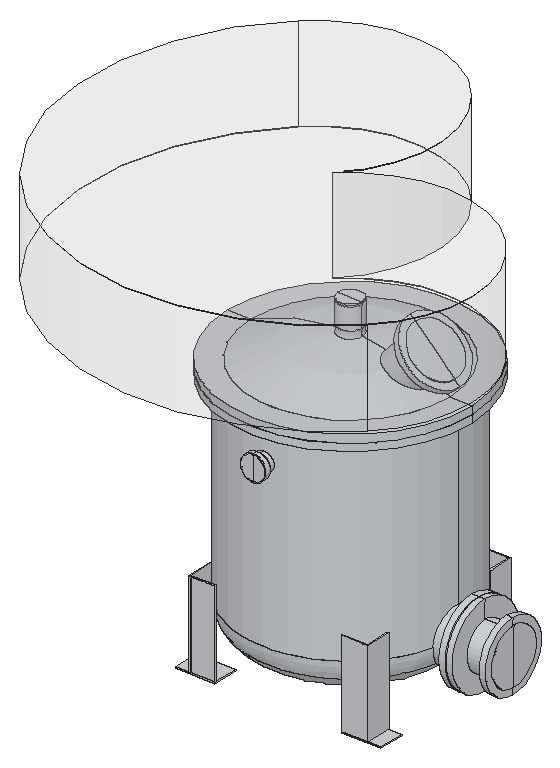
Revit family "Aquarevival_BSG50", category Mechanical Equipment, Revit 2018
Family settings
  Round Connector Dimension = Use Diameter
  Part Type = Normal
  OmniClass Number = 23.75.00.00
  OmniClass Title = Climate Control (HVAC)
  Work Plane-Based = No
  Always vertical = Yes
  Cut with Voids When Loaded = No
  Shared = No
  Room Calculation Point = No
Parameters
  Panel Location (0-4) [instance] = 0
  Panel 4 [instance] = [Panel Location (0-4)] = 4  # no
  Panel 3 [instance] = [Panel Location (0-4)] = 3  # no
  Panel 2 [instance] = [Panel Location (0-4)] = 2  # no
  Panel 1 [instance] = not(or([Panel Location (0-4)] = 2, [Panel Location (0-4)] = 3, [Panel Location (0-4)] = 4, [Panel Location (0-4)] = 0))  # no
  Outlet = 0' - 10"
  Model = "BSG50"
  Manufacturer = "Aqua Revival LLC"
  Keynote = ""
  Inlet = 0' - 10"
  Filter Discharge Rotation [instance] = 0.00°
  Filter Clearance Rotation [instance] = 0.00°
  Drain = 0' - 6"
  Description = "Regenerative Media Filter"
Reference planes (in)
  plane 1 "Center (Front/Back)": y = 0
  plane 2: z = 0
  plane 3 "Center (Left/Right)": x = 0
  plane 4: x = -10
Forms (in)
  Revolve 1, solid
    sketch origin (0, 0, 0) x (1, 0, 0) y (0, 0, 1)
      loop
        line (-0.00004, 1.25389) -> (-0.00004, 76.11987) -> (-2.75, 76.11987) -> (-2.75, 75.91248)
        arc (-2.75, 75.91248) -> (-2.7402, 75.72628) -> (-2.75, 75.54009) r 1.77355
        line (-2.75, 75.54009) -> (-2.75, 70.55737)
        arc (-2.75, 70.55737) -> (-2.66107, 69.73809) -> (-2.75296, 68.91914) r 3.75596
        arc (-2.75296, 68.91914) -> (-13.12881, 67.25137) -> (-22.93187, 63.46457) r 50.3125
        line (-22.93187, 63.46457) -> (-28.25, 63.46457) -> (-28.25, 61.71458) -> (-28.08532, 61.71458) -> (-28.08532, 61.60182) -> (-28.25, 61.60182) -> (-28.25, 59.96457) -> (-24.99977, 59.96457) -> (-24.99977, 14.71371)
        arc (-24.99977, 14.71371) -> (-24.6877, 12.43171) -> (-23.77441, 10.31728) r 8.49961
        arc (-23.77441, 10.31728) -> (-22.41911, 8.64804) -> (-20.65941, 7.41245) r 7.79697
        arc (-20.65941, 7.41245) -> (-13.83356, 4.03695) -> (-6.5023, 1.97808) r 41.11644
        arc (-6.5023, 1.97808) -> (-3.26387, 1.50193) -> (-0.00004, 1.25389) r 46.68297
      axis (0, 76.11987) -> (0, 1.25389)
    angle from 0 to 360
  Revolve 2, solid
    sketch origin (-14.99151, 0, 1.58134) x (1, 0, 0) y (0, 0, 1)
      loop
        line (-14.12767, 5.39286) -> (3.62234, 5.39286) -> (3.62234, 8.70536) -> (-13.12766, 8.70536) -> (-13.12766, 10.89286) -> (-14.12767, 10.89286) -> (-14.12767, 5.39286)
      axis (-14.12767, 5.39286) -> (3.62234, 5.39286)
    angle from 0 to 360
  Extrusion 3, solid
    sketch origin (-14.99151, 0, 1.58134) x (0, 1, 0) y (0, 0, 1)
      loop
        circle (0, 5.39286) r 4.25
    from -14.26766 to -14.12767
  Revolve 4, solid
    sketch origin (0.02056, -68.74083, 7.46511) x (0, 1, 0) y (0, 0, 1)
      loop
        line (40.62187, 45.49946) -> (44.12187, 45.49946) -> (44.12187, 47.76786) -> (42.49057, 47.76786) -> (42.39687, 47.86156) -> (42.39687, 48.01786) -> (41.87187, 48.01786) -> (41.87187, 48.41208) -> (40.71557, 48.41208) -> (40.62187, 48.31823) -> (40.62187, 45.49946)
      axis (40.62187, 45.49946) -> (44.12187, 45.49946)
    angle from 0 to 360
  Extrusion 5, solid, visible <- "Panel 1"
    sketch origin (-6.75901, -13.83786, 4.84542) x (1, 0, 0) y (0, 1, 0)
      loop
        line (-26.32299, -12.86214) -> (-26.32299, -13.11014) -> (-27.35099, -13.11014) -> (-27.35099, -13.77514)
        arc (-27.35099, -13.77514) -> (-27.30413, -13.88828) -> (-27.19099, -13.93514) r 0.16
        line (-27.19099, -13.93514) -> (-11.87099, -13.93514)
        arc (-11.87099, -13.93514) -> (-11.76846, -13.89267) -> (-11.72599, -13.79014) r 0.145
        line (-11.72599, -13.79014) -> (-11.72599, -13.11014) -> (-12.65099, -13.11014) -> (-12.65099, -12.86215) -> (-11.62098, -12.86215)
        arc (-11.62098, -12.86215) -> (-11.51852, -12.81975) -> (-11.47597, -12.71735) r 0.14501
        line (-11.47597, -12.71735) -> (-11.47597, -7.00721)
        arc (-11.47597, -7.00721) -> (-11.51845, -6.90466) -> (-11.62101, -6.86218) r 0.14504
        line (-11.62101, -6.86218) -> (-27.331, -6.86218)
        arc (-27.331, -6.86218) -> (-27.43352, -6.90464) -> (-27.47598, -7.00716) r 0.14498
        line (-27.47598, -7.00716) -> (-27.47598, -12.71714)
        arc (-27.47598, -12.71714) -> (-27.43351, -12.81967) -> (-27.33099, -12.86214) r 0.145
        line (-27.33099, -12.86214) -> (-26.32299, -12.86214)
    from 35.1762 to 51.1012
  Extrusion 6, solid, visible <- "Panel 1"
    sketch origin (-6.77401, -13.83786, 4.84542) x (1, 0, 0) y (0, 1, 0)
      loop
        line (-27.47599, -6.86218) -> (-7.24373, -6.86218)
        arc (-7.24373, -6.86218) -> (-10.60636, -4.13188) -> (-13.44723, -0.86214) r 24.99977
        line (-13.44723, -0.86214) -> (-27.47599, -0.86214) -> (-27.47599, -6.86218)
    from 50.9012 to 51.1012
  Extrusion 7, solid, visible <- "Panel 1"
    sketch origin (-6.77401, -13.83786, 4.84542) x (0, 1, 0) y (0, 0, 1)
      loop
        line (-6.86218, 50.9012) -> (-6.86218, 49.53074) -> (-6.61218, 49.53074) -> (-6.61218, 50.9012) -> (-6.86218, 50.9012)
    from -27.47599 to -7.27396
  Extrusion 8, solid, visible <- "Panel 1"
    sketch origin (-6.77401, -13.83786, 91.05209) x (0, 1, 0) y (0, 0, 1)
      loop
        line (-6.86218, -50.9012) -> (-6.61218, -50.9012) -> (-6.61218, -49.53074) -> (-6.86218, -49.53074) -> (-6.86218, -50.9012)
    from -27.47599 to -7.27396
  Revolve 9, solid, visible <- "Panel 1"
    sketch origin (-26.26107, -75.37885, 4.84542) x (0, -1, 0) y (0, 0, 1)
      loop
        line (-45.98085, 39.52627) -> (-45.98085, 40.27627)
        arc (-45.98085, 40.27627) -> (-46.1273, 40.62983) -> (-46.48085, 40.77627) r 0.5
        line (-46.48085, 40.77627) -> (-46.60585, 40.77627) -> (-46.60585, 40.02627) -> (-47.35585, 40.02627) -> (-47.35585, 40.10855) -> (-47.60585, 40.10855) -> (-47.60585, 39.52627) -> (-45.98085, 39.52627)
      axis (-47.60585, 39.52627) -> (-45.98085, 39.52627)
    angle from 0 to 360
  Extrusion 10, solid, visible <- "Panel 1"
    sketch origin (-6.77401, -13.83786, -10.95031) x (1, 0, 0) y (0, 1, 0)
      loop
        line (-27.47599, -6.86218) -> (-7.24373, -6.86218)
        arc (-7.24373, -6.86218) -> (-10.60636, -4.13188) -> (-13.44723, -0.86214) r 24.99977
        line (-13.44723, -0.86214) -> (-27.47599, -0.86214) -> (-27.47599, -6.86218)
    from 50.9012 to 51.1012
  Extrusion 11, solid, visible <- "Panel 2"
    sketch origin (6.75901, -13.83786, 4.84542) x (-1, 0, 0) y (0, -1, 0)
      loop
        line (-26.32299, 12.86214) -> (-27.33099, 12.86214)
        arc (-27.33099, 12.86214) -> (-27.43351, 12.81967) -> (-27.47598, 12.71714) r 0.145
        line (-27.47598, 12.71714) -> (-27.47598, 7.00716)
        arc (-27.47598, 7.00716) -> (-27.43352, 6.90464) -> (-27.331, 6.86218) r 0.14498
        line (-27.331, 6.86218) -> (-11.62101, 6.86218)
        arc (-11.62101, 6.86218) -> (-11.51845, 6.90466) -> (-11.47597, 7.00721) r 0.14504
        line (-11.47597, 7.00721) -> (-11.47597, 12.71735)
        arc (-11.47597, 12.71735) -> (-11.51852, 12.81975) -> (-11.62098, 12.86215) r 0.14501
        line (-11.62098, 12.86215) -> (-12.65099, 12.86215) -> (-12.65099, 13.11014) -> (-11.72599, 13.11014) -> (-11.72599, 13.79014)
        arc (-11.72599, 13.79014) -> (-11.76846, 13.89267) -> (-11.87099, 13.93514) r 0.145
        line (-11.87099, 13.93514) -> (-27.19099, 13.93514)
        arc (-27.19099, 13.93514) -> (-27.30413, 13.88828) -> (-27.35099, 13.77514) r 0.16
        line (-27.35099, 13.77514) -> (-27.35099, 13.11014) -> (-26.32299, 13.11014) -> (-26.32299, 12.86214)
    from 35.1762 to 51.1012
  Extrusion 12, solid, visible <- "Panel 2"
    sketch origin (6.77401, -13.83786, 4.84542) x (-1, 0, 0) y (0, -1, 0)
      loop
        line (-27.47599, 6.86218) -> (-27.47599, 0.86214) -> (-13.44723, 0.86214)
        arc (-13.44723, 0.86214) -> (-10.60636, 4.13188) -> (-7.24373, 6.86218) r 24.99977
        line (-7.24373, 6.86218) -> (-27.47599, 6.86218)
    from 50.9012 to 51.1012
  Extrusion 13, solid, visible <- "Panel 2"
    sketch origin (6.77401, -13.83786, 4.84542) x (0, 1, 0) y (0, 0, -1)
      loop
        line (-6.86218, -50.9012) -> (-6.61218, -50.9012) -> (-6.61218, -49.53074) -> (-6.86218, -49.53074) -> (-6.86218, -50.9012)
    from -27.47599 to -7.27396
  Extrusion 14, solid, visible <- "Panel 2"
    sketch origin (6.77401, -13.83786, 91.05209) x (0, 1, 0) y (0, 0, -1)
      loop
        line (-6.86218, 50.9012) -> (-6.86218, 49.53074) -> (-6.61218, 49.53074) -> (-6.61218, 50.9012) -> (-6.86218, 50.9012)
    from -27.47599 to -7.27396
  Revolve 15, solid, visible <- "Panel 2"
    sketch origin (26.26107, -75.37885, 4.84542) x (0, -1, 0) y (0, 0, -1)
      loop
        line (-45.98085, -39.52627) -> (-47.60585, -39.52627) -> (-47.60585, -40.10855) -> (-47.35585, -40.10855) -> (-47.35585, -40.02627) -> (-46.60585, -40.02627) -> (-46.60585, -40.77627) -> (-46.48085, -40.77627)
        arc (-46.48085, -40.77627) -> (-46.1273, -40.62983) -> (-45.98085, -40.27627) r 0.5
        line (-45.98085, -40.27627) -> (-45.98085, -39.52627)
      axis (-47.60585, -39.52627) -> (-45.98085, -39.52627)
    angle from 0 to 360
  Extrusion 16, solid, visible <- "Panel 2"
    sketch origin (6.77401, -13.83786, -10.95031) x (-1, 0, 0) y (0, -1, 0)
      loop
        line (-27.47599, 6.86218) -> (-27.47599, 0.86214) -> (-13.44723, 0.86214)
        arc (-13.44723, 0.86214) -> (-10.60636, 4.13188) -> (-7.24373, 6.86218) r 24.99977
        line (-7.24373, 6.86218) -> (-27.47599, 6.86218)
    from 50.9012 to 51.1012
  Extrusion 17, solid, visible <- "Panel 4"
    sketch origin (-6.75901, 13.83786, 4.84542) x (1, 0, 0) y (0, 1, 0)
      loop
        line (-26.32299, 12.86214) -> (-27.33099, 12.86214)
        arc (-27.33099, 12.86214) -> (-27.43351, 12.81967) -> (-27.47598, 12.71714) r 0.145
        line (-27.47598, 12.71714) -> (-27.47598, 7.00716)
        arc (-27.47598, 7.00716) -> (-27.43352, 6.90464) -> (-27.331, 6.86218) r 0.14498
        line (-27.331, 6.86218) -> (-11.62101, 6.86218)
        arc (-11.62101, 6.86218) -> (-11.51845, 6.90466) -> (-11.47597, 7.00721) r 0.14504
        line (-11.47597, 7.00721) -> (-11.47597, 12.71735)
        arc (-11.47597, 12.71735) -> (-11.51852, 12.81975) -> (-11.62098, 12.86215) r 0.14501
        line (-11.62098, 12.86215) -> (-12.65099, 12.86215) -> (-12.65099, 13.11014) -> (-11.72599, 13.11014) -> (-11.72599, 13.79014)
        arc (-11.72599, 13.79014) -> (-11.76846, 13.89267) -> (-11.87099, 13.93514) r 0.145
        line (-11.87099, 13.93514) -> (-27.19099, 13.93514)
        arc (-27.19099, 13.93514) -> (-27.30413, 13.88828) -> (-27.35099, 13.77514) r 0.16
        line (-27.35099, 13.77514) -> (-27.35099, 13.11014) -> (-26.32299, 13.11014) -> (-26.32299, 12.86214)
    from 35.1762 to 51.1012
  Extrusion 18, solid, visible <- "Panel 4"
    sketch origin (-6.77401, 13.83786, 4.84542) x (1, 0, 0) y (0, 1, 0)
      loop
        line (-27.47599, 6.86218) -> (-27.47599, 0.86214) -> (-13.44723, 0.86214)
        arc (-13.44723, 0.86214) -> (-10.60636, 4.13188) -> (-7.24373, 6.86218) r 24.99977
        line (-7.24373, 6.86218) -> (-27.47599, 6.86218)
    from 50.9012 to 51.1012
  Extrusion 19, solid, visible <- "Panel 4"
    sketch origin (-6.77401, 13.83786, 4.84542) x (0, -1, 0) y (0, 0, -1)
      loop
        line (-6.86218, -50.9012) -> (-6.61218, -50.9012) -> (-6.61218, -49.53074) -> (-6.86218, -49.53074) -> (-6.86218, -50.9012)
    from -27.47599 to -7.27396
  Extrusion 20, solid, visible <- "Panel 4"
    sketch origin (-6.77401, 13.83786, 91.05209) x (0, -1, 0) y (0, 0, -1)
      loop
        line (-6.86218, 50.9012) -> (-6.86218, 49.53074) -> (-6.61218, 49.53074) -> (-6.61218, 50.9012) -> (-6.86218, 50.9012)
    from -27.47599 to -7.27396
  Revolve 21, solid, visible <- "Panel 4"
    sketch origin (-26.26107, 75.37885, 4.84542) x (0, 1, 0) y (0, 0, -1)
      loop
        line (-45.98085, -39.52627) -> (-47.60585, -39.52627) -> (-47.60585, -40.10855) -> (-47.35585, -40.10855) -> (-47.35585, -40.02627) -> (-46.60585, -40.02627) -> (-46.60585, -40.77627) -> (-46.48085, -40.77627)
        arc (-46.48085, -40.77627) -> (-46.1273, -40.62983) -> (-45.98085, -40.27627) r 0.5
        line (-45.98085, -40.27627) -> (-45.98085, -39.52627)
      axis (-47.60585, -39.52627) -> (-45.98085, -39.52627)
    angle from 0 to 360
  Extrusion 22, solid, visible <- "Panel 4"
    sketch origin (-6.77401, 13.83786, -10.95031) x (1, 0, 0) y (0, 1, 0)
      loop
        line (-27.47599, 6.86218) -> (-27.47599, 0.86214) -> (-13.44723, 0.86214)
        arc (-13.44723, 0.86214) -> (-10.60636, 4.13188) -> (-7.24373, 6.86218) r 24.99977
        line (-7.24373, 6.86218) -> (-27.47599, 6.86218)
    from 50.9012 to 51.1012
  Extrusion 23, solid, visible <- "Panel 3"
    sketch origin (6.75901, 13.83786, 4.84542) x (-1, 0, 0) y (0, -1, 0)
      loop
        line (-26.32299, -12.86214) -> (-26.32299, -13.11014) -> (-27.35099, -13.11014) -> (-27.35099, -13.77514)
        arc (-27.35099, -13.77514) -> (-27.30413, -13.88828) -> (-27.19099, -13.93514) r 0.16
        line (-27.19099, -13.93514) -> (-11.87099, -13.93514)
        arc (-11.87099, -13.93514) -> (-11.76846, -13.89267) -> (-11.72599, -13.79014) r 0.145
        line (-11.72599, -13.79014) -> (-11.72599, -13.11014) -> (-12.65099, -13.11014) -> (-12.65099, -12.86215) -> (-11.62098, -12.86215)
        arc (-11.62098, -12.86215) -> (-11.51852, -12.81975) -> (-11.47597, -12.71735) r 0.14501
        line (-11.47597, -12.71735) -> (-11.47597, -7.00721)
        arc (-11.47597, -7.00721) -> (-11.51845, -6.90466) -> (-11.62101, -6.86218) r 0.14504
        line (-11.62101, -6.86218) -> (-27.331, -6.86218)
        arc (-27.331, -6.86218) -> (-27.43352, -6.90464) -> (-27.47598, -7.00716) r 0.14498
        line (-27.47598, -7.00716) -> (-27.47598, -12.71714)
        arc (-27.47598, -12.71714) -> (-27.43351, -12.81967) -> (-27.33099, -12.86214) r 0.145
        line (-27.33099, -12.86214) -> (-26.32299, -12.86214)
    from 35.1762 to 51.1012
  Extrusion 24, solid, visible <- "Panel 3"
    sketch origin (6.77401, 13.83786, 4.84542) x (-1, 0, 0) y (0, -1, 0)
      loop
        line (-27.47599, -6.86218) -> (-7.24373, -6.86218)
        arc (-7.24373, -6.86218) -> (-10.60636, -4.13188) -> (-13.44723, -0.86214) r 24.99977
        line (-13.44723, -0.86214) -> (-27.47599, -0.86214) -> (-27.47599, -6.86218)
    from 50.9012 to 51.1012
  Extrusion 25, solid, visible <- "Panel 3"
    sketch origin (6.77401, 13.83786, 4.84542) x (0, -1, 0) y (0, 0, 1)
      loop
        line (-6.86218, 50.9012) -> (-6.86218, 49.53074) -> (-6.61218, 49.53074) -> (-6.61218, 50.9012) -> (-6.86218, 50.9012)
    from -27.47599 to -7.27396
  Extrusion 26, solid, visible <- "Panel 3"
    sketch origin (6.77401, 13.83786, 91.05209) x (0, -1, 0) y (0, 0, 1)
      loop
        line (-6.86218, -50.9012) -> (-6.61218, -50.9012) -> (-6.61218, -49.53074) -> (-6.86218, -49.53074) -> (-6.86218, -50.9012)
    from -27.47599 to -7.27396
  Revolve 27, solid, visible <- "Panel 3"
    sketch origin (26.26107, 75.37885, 4.84542) x (0, 1, 0) y (0, 0, 1)
      loop
        line (-45.98085, 39.52627) -> (-45.98085, 40.27627)
        arc (-45.98085, 40.27627) -> (-46.1273, 40.62983) -> (-46.48085, 40.77627) r 0.5
        line (-46.48085, 40.77627) -> (-46.60585, 40.77627) -> (-46.60585, 40.02627) -> (-47.35585, 40.02627) -> (-47.35585, 40.10855) -> (-47.60585, 40.10855) -> (-47.60585, 39.52627) -> (-45.98085, 39.52627)
      axis (-47.60585, 39.52627) -> (-45.98085, 39.52627)
    angle from 0 to 360
  Extrusion 28, solid, visible <- "Panel 3"
    sketch origin (6.77401, 13.83786, -10.95031) x (-1, 0, 0) y (0, -1, 0)
      loop
        line (-27.47599, -6.86218) -> (-7.24373, -6.86218)
        arc (-7.24373, -6.86218) -> (-10.60636, -4.13188) -> (-13.44723, -0.86214) r 24.99977
        line (-13.44723, -0.86214) -> (-27.47599, -0.86214) -> (-27.47599, -6.86218)
    from 50.9012 to 51.1012
  Revolve 29, solid
    sketch origin (0, 0, 0) x (1, 0, 0) y (0, 0, 1)
      loop
        line (37.68168, 22.96457) -> (36.30668, 22.96457) -> (36.30668, 20.33957) -> (31.23836, 20.33957) -> (31.23836, 24.46457) -> (29.73836, 24.46457) -> (29.73836, 24.40357) -> (29.66329, 24.40357) -> (29.66329, 24.46457) -> (28.16236, 24.46457) -> (28.16236, 21.33957) -> (17.26851, 21.33957) -> (17.26851, 14.96457) -> (37.82168, 14.96457) -> (37.82168, 21.33957) -> (37.68168, 21.33957) -> (37.68168, 22.96457)
      axis (17.26851, 14.96457) -> (37.82168, 14.96457)
    angle from 0 to 360
  Extrusion 30, solid
    sketch origin (0, 0, 0) x (0, 1, 0) y (-1, 0, 0)
      loop
        line (14.70004, 23.64) -> (14.70004, 14.64) -> (20.70004, 14.64) -> (20.70004, 23.64) -> (14.70004, 23.64)
      loop
        line (14.70004, -23.64) -> (20.70004, -23.64) -> (20.70004, -14.64) -> (14.70004, -14.64) -> (14.70004, -23.64)
      loop
        line (-14.70004, 23.64) -> (-20.70004, 23.64) -> (-20.70004, 14.64) -> (-14.70004, 14.64) -> (-14.70004, 23.64)
      loop
        line (-14.70004, -23.64) -> (-14.70004, -14.64) -> (-20.70004, -14.64) -> (-20.70004, -23.64) -> (-14.70004, -23.64)
    from 0 to 0.25
  Extrusion 31, solid
    sketch origin (0, 0, 0) x (0, 1, 0) y (-1, 0, 0)
      loop
        line (-20.70004, 14.64) -> (-20.45004, 14.64) -> (-20.45004, 20.39) -> (-14.70004, 20.39) -> (-14.70004, 20.64) -> (-20.70004, 20.64) -> (-20.70004, 14.64)
      loop
        line (-20.70004, -14.64) -> (-20.70004, -20.64) -> (-14.70004, -20.64) -> (-14.70004, -20.39) -> (-20.45004, -20.39) -> (-20.45004, -14.64) -> (-20.70004, -14.64)
      loop
        line (20.70004, 14.64) -> (20.70004, 20.64) -> (14.70004, 20.64) -> (14.70004, 20.39) -> (20.45004, 20.39) -> (20.45004, 14.64) -> (20.70004, 14.64)
      loop
        line (20.70004, -14.64) -> (20.45004, -14.64) -> (20.45004, -20.39) -> (14.70004, -20.39) -> (14.70004, -20.64) -> (20.70004, -20.64) -> (20.70004, -14.64)
    from 0.25 to 20.25
Cuts and joins
  joined: Revolve 1, Revolve 2, Revolve 4, Revolve 29
Lines and regions (in)
  reference lines
    curve 1: line (0, 0, 0) -> (19, 0, 0)
    curve 2: line (0, 0, 0) -> (0, 19, 0)
  model lines, visible <- "Panel 1"
    curve 3: line (-30.86339, -27.773, 53.30402) -> (-22.48514, -27.773, 53.30402)
    curve 4: line (-30.86339, -27.773, 47.58676) -> (-30.86339, -27.773, 53.30402)
    curve 5: line (-22.48514, -27.773, 47.58676) -> (-30.86339, -27.773, 47.58676)
    curve 6: line (-22.48514, -27.773, 53.30402) -> (-22.48514, -27.773, 47.58676)
    curve 7: line (-23.58372, -27.773, 48.69342) -> (-29.76482, -27.773, 48.69342)
    curve 8: line (-23.58372, -27.773, 52.19736) -> (-23.58372, -27.773, 48.69342)
    curve 9: line (-29.76482, -27.773, 52.19736) -> (-23.58372, -27.773, 52.19736)
    curve 10: line (-29.76482, -27.773, 48.69342) -> (-29.76482, -27.773, 52.19736)
    curve 11: arc (-20.7373, -27.773, 48.4955) -> (-21.28848, -27.773, 47.94432) -> (-20.7373, -27.773, 47.39314) r 0.55118
    curve 12: arc (-20.7373, -27.773, 47.39314) -> (-20.18612, -27.773, 47.94432) -> (-20.7373, -27.773, 48.4955) r 0.55118
    curve 13: arc (-20.7373, -27.773, 47.51125) -> (-20.30423, -27.773, 47.94432) -> (-20.7373, -27.773, 48.37739) r 0.43307
    curve 14: arc (-20.7373, -27.773, 48.37739) -> (-21.17037, -27.773, 47.94432) -> (-20.7373, -27.773, 47.51125) r 0.43307
    curve 15: arc (-20.7373, -27.773, 48.27306) -> (-21.06604, -27.773, 47.94432) -> (-20.7373, -27.773, 47.61558) r 0.32874
    curve 16: arc (-20.7373, -27.773, 47.61558) -> (-20.40856, -27.773, 47.94432) -> (-20.7373, -27.773, 48.27306) r 0.32874
    curve 17: line (-21.0474, -27.773, 47.99944) -> (-20.4272, -27.773, 47.99944)
    curve 18: line (-20.4272, -27.773, 47.8892) -> (-21.0474, -27.773, 47.8892)
  model lines, visible <- "Panel 2"
    curve 19: line (30.86339, -27.773, 53.30402) -> (22.48514, -27.773, 53.30402)
    curve 20: line (30.86339, -27.773, 47.58676) -> (30.86339, -27.773, 53.30402)
    curve 21: line (22.48514, -27.773, 47.58676) -> (30.86339, -27.773, 47.58676)
    curve 22: line (22.48514, -27.773, 53.30402) -> (22.48514, -27.773, 47.58676)
    curve 23: line (23.58372, -27.773, 48.69342) -> (29.76482, -27.773, 48.69342)
    curve 24: line (23.58372, -27.773, 52.19736) -> (23.58372, -27.773, 48.69342)
    curve 25: line (29.76482, -27.773, 52.19736) -> (23.58372, -27.773, 52.19736)
    curve 26: line (29.76482, -27.773, 48.69342) -> (29.76482, -27.773, 52.19736)
    curve 27: arc (20.7373, -27.773, 48.4955) -> (21.28848, -27.773, 47.94432) -> (20.7373, -27.773, 47.39314) r 0.55118
    curve 28: arc (20.7373, -27.773, 47.39314) -> (20.18612, -27.773, 47.94432) -> (20.7373, -27.773, 48.4955) r 0.55118
    curve 29: arc (20.7373, -27.773, 47.51125) -> (20.30423, -27.773, 47.94432) -> (20.7373, -27.773, 48.37739) r 0.43307
    curve 30: arc (20.7373, -27.773, 48.37739) -> (21.17037, -27.773, 47.94432) -> (20.7373, -27.773, 47.51125) r 0.43307
    curve 31: arc (20.7373, -27.773, 48.27306) -> (21.06604, -27.773, 47.94432) -> (20.7373, -27.773, 47.61558) r 0.32874
    curve 32: arc (20.7373, -27.773, 47.61558) -> (20.40856, -27.773, 47.94432) -> (20.7373, -27.773, 48.27306) r 0.32874
    curve 33: line (21.0474, -27.773, 47.99944) -> (20.4272, -27.773, 47.99944)
    curve 34: line (20.4272, -27.773, 47.8892) -> (21.0474, -27.773, 47.8892)
  model lines, visible <- "Panel 4"
    curve 35: line (-30.86339, 27.773, 53.30402) -> (-22.48514, 27.773, 53.30402)
    curve 36: line (-30.86339, 27.773, 47.58676) -> (-30.86339, 27.773, 53.30402)
    curve 37: line (-22.48514, 27.773, 47.58676) -> (-30.86339, 27.773, 47.58676)
    curve 38: line (-22.48514, 27.773, 53.30402) -> (-22.48514, 27.773, 47.58676)
    curve 39: line (-23.58372, 27.773, 48.69342) -> (-29.76482, 27.773, 48.69342)
    curve 40: line (-23.58372, 27.773, 52.19736) -> (-23.58372, 27.773, 48.69342)
    curve 41: line (-29.76482, 27.773, 52.19736) -> (-23.58372, 27.773, 52.19736)
    curve 42: line (-29.76482, 27.773, 48.69342) -> (-29.76482, 27.773, 52.19736)
    curve 43: arc (-20.7373, 27.773, 48.4955) -> (-21.28848, 27.773, 47.94432) -> (-20.7373, 27.773, 47.39314) r 0.55118
    curve 44: arc (-20.7373, 27.773, 47.39314) -> (-20.18612, 27.773, 47.94432) -> (-20.7373, 27.773, 48.4955) r 0.55118
    curve 45: arc (-20.7373, 27.773, 47.51125) -> (-20.30423, 27.773, 47.94432) -> (-20.7373, 27.773, 48.37739) r 0.43307
    curve 46: arc (-20.7373, 27.773, 48.37739) -> (-21.17037, 27.773, 47.94432) -> (-20.7373, 27.773, 47.51125) r 0.43307
    curve 47: arc (-20.7373, 27.773, 48.27306) -> (-21.06604, 27.773, 47.94432) -> (-20.7373, 27.773, 47.61558) r 0.32874
    curve 48: arc (-20.7373, 27.773, 47.61558) -> (-20.40856, 27.773, 47.94432) -> (-20.7373, 27.773, 48.27306) r 0.32874
    curve 49: line (-21.0474, 27.773, 47.99944) -> (-20.4272, 27.773, 47.99944)
    curve 50: line (-20.4272, 27.773, 47.8892) -> (-21.0474, 27.773, 47.8892)
  model lines, visible <- "Panel 3"
    curve 51: line (30.86339, 27.773, 53.30402) -> (22.48514, 27.773, 53.30402)
    curve 52: line (30.86339, 27.773, 47.58676) -> (30.86339, 27.773, 53.30402)
    curve 53: line (22.48514, 27.773, 47.58676) -> (30.86339, 27.773, 47.58676)
    curve 54: line (22.48514, 27.773, 53.30402) -> (22.48514, 27.773, 47.58676)
    curve 55: line (23.58372, 27.773, 48.69342) -> (29.76482, 27.773, 48.69342)
    curve 56: line (23.58372, 27.773, 52.19736) -> (23.58372, 27.773, 48.69342)
    curve 57: line (29.76482, 27.773, 52.19736) -> (23.58372, 27.773, 52.19736)
    curve 58: line (29.76482, 27.773, 48.69342) -> (29.76482, 27.773, 52.19736)
    curve 59: arc (20.7373, 27.773, 48.4955) -> (21.28848, 27.773, 47.94432) -> (20.7373, 27.773, 47.39314) r 0.55118
    curve 60: arc (20.7373, 27.773, 47.39314) -> (20.18612, 27.773, 47.94432) -> (20.7373, 27.773, 48.4955) r 0.55118
    curve 61: arc (20.7373, 27.773, 47.51125) -> (20.30423, 27.773, 47.94432) -> (20.7373, 27.773, 48.37739) r 0.43307
    curve 62: arc (20.7373, 27.773, 48.37739) -> (21.17037, 27.773, 47.94432) -> (20.7373, 27.773, 47.51125) r 0.43307
    curve 63: arc (20.7373, 27.773, 48.27306) -> (21.06604, 27.773, 47.94432) -> (20.7373, 27.773, 47.61558) r 0.32874
    curve 64: arc (20.7373, 27.773, 47.61558) -> (20.40856, 27.773, 47.94432) -> (20.7373, 27.773, 48.27306) r 0.32874
    curve 65: line (21.0474, 27.773, 47.99944) -> (20.4272, 27.773, 47.99944)
    curve 66: line (20.4272, 27.773, 47.8892) -> (21.0474, 27.773, 47.8892)
Dimensions and locks (in)
  "Filter Discharge Rotation": angle plane 1 "Center (Front/Back)" to curve 1
  "Filter Clearance Rotation": angle curve 2 to plane 3 "Center (Left/Right)"
  aligned and locked: level to plane 2
  aligned and locked: plane 3 "Center (Left/Right)" to curve 2
  aligned and locked: plane 1 "Center (Front/Back)" to curve 2
Automatic sketch dimensions
  Revolve 1 sketch curve to plane 3 "Center (Left/Right)" = 0' - 0"  (x2)
  Revolve 1 sketch curve to plane 3 "Center (Left/Right)" = 0' - 0.00004"
  Revolve 1 sketch curve to plane 3 "Center (Left/Right)" = 0' - 2 3/4"
  Revolve 1 sketch curve to Revolve 1 sketch curve = 0' - 0"  (x3)
  Revolve 1 sketch curve to Revolve 1 sketch curve = 0' - 1.76375"
  Revolve 1 sketch curve to plane 4 = 0' - 3.58297"
  plane 4 to Revolve 1 sketch curve = 0' - 6.50016"
  Revolve 1 sketch curve to Revolve 1 sketch curve = 0' - 0.60139"
  plane 4 to Revolve 1 sketch curve = 1' - 0.93187"
  Revolve 1 sketch curve to Revolve 1 sketch curve = 0' - 2.06791"
  Revolve 1 sketch curve to Revolve 1 sketch curve = 0' - 3.08555"
  Revolve 1 sketch curve to Revolve 1 sketch curve = 0' - 0.16468"
  plane 3 "Center (Left/Right)" to Revolve 1 sketch curve = 0' - 0.90118"
  plane 3 "Center (Left/Right)" to Revolve 1 sketch curve = 0' - 1.90349"
  level to Revolve 1 sketch curve = 0' - 1 65/256"
  level to Revolve 1 sketch curve = 1' - 2.35034"
  Revolve 1 sketch curve to Revolve 1 sketch curve = 0' - 0.36337"
  Revolve 1 sketch curve to Revolve 1 sketch curve = 0' - 3.96831"
  Revolve 1 sketch curve to Revolve 1 sketch curve = 1' - 11.74047"
  Revolve 1 sketch curve to Revolve 1 sketch curve = 0' - 5.47554"
  Revolve 1 sketch curve to Revolve 1 sketch curve = 1' - 0.06654"
  Revolve 1 sketch curve to Revolve 1 sketch curve = 0' - 1.63724"
  Revolve 1 sketch curve to Revolve 1 sketch curve = 0' - 0.11276"
  Revolve 1 sketch curve to Revolve 1 sketch curve = 0' - 1 3/4"
  Revolve 1 sketch curve to Revolve 1 sketch curve = 0' - 6.2803"
  Revolve 1 sketch curve to Revolve 1 sketch curve = 0' - 0 13/16"
  Revolve 1 sketch curve to Revolve 1 sketch curve = 0' - 4.98272"
  Revolve 1 sketch curve to Revolve 1 sketch curve = 0' - 0.18619"
  Revolve 1 sketch curve to Revolve 1 sketch curve = 0' - 0.20739"
  level to Revolve 1 sketch curve = 0' - 7.41245"
  Revolve 1 sketch curve to Revolve 1 sketch curve = 0' - 11.33584"
  Revolve 1 sketch curve to Revolve 1 sketch curve = 0' - 2.40463"
  plane 1 "Center (Front/Back)" to Revolve 4 sketch curve = 2' - 4.11896"
  Revolve 4 sketch curve to Revolve 4 sketch curve = 0' - 0.0937"  (x4)
  Revolve 4 sketch curve to Revolve 4 sketch curve = 0' - 1.1563"
  Revolve 4 sketch curve to Revolve 4 sketch curve = 0' - 0.525"
  Revolve 4 sketch curve to Revolve 4 sketch curve = 0' - 1.6313"
  level to Revolve 4 sketch curve = 4' - 4.96457"
  Revolve 4 sketch curve to Revolve 4 sketch curve = 0' - 2.26839"
  Revolve 4 sketch curve to Revolve 4 sketch curve = 0' - 0.1563"
  Revolve 4 sketch curve to Revolve 4 sketch curve = 0' - 0.30037"
  Revolve 4 sketch curve to Revolve 4 sketch curve = 0' - 0.09385"
  Revolve 4 sketch curve to Revolve 4 sketch curve = 0' - 1"
  Revolve 4 sketch curve to Revolve 4 sketch curve = 0' - 0"
  plane 4 to Extrusion 5 sketch curve = 2' - 0.23499"
  Extrusion 5 sketch curve to Extrusion 5 sketch curve = 0' - 0 1/8"
  Extrusion 5 sketch curve to Extrusion 5 sketch curve = 0' - 0.14498"
  Extrusion 5 sketch curve to Extrusion 5 sketch curve = 0' - 0.145"  (x2)
  Extrusion 5 sketch curve to Extrusion 5 sketch curve = 0' - 0.16"
  Extrusion 5 sketch curve to Extrusion 5 sketch curve = 0' - 1.028"
  plane 4 to Extrusion 5 sketch curve = 0' - 9.41"
  Extrusion 5 sketch curve to Extrusion 5 sketch curve = 0' - 0.78"
  Extrusion 5 sketch curve to Extrusion 5 sketch curve = 0' - 1.02998"
  Extrusion 5 sketch curve to Extrusion 5 sketch curve = 0' - 0.10501"
  Extrusion 5 sketch curve to Extrusion 5 sketch curve = 0' - 0.14501"
  plane 1 "Center (Front/Back)" to Extrusion 5 sketch curve = 2' - 3.773"
  Extrusion 5 sketch curve to Extrusion 5 sketch curve = 0' - 0.665"
  Extrusion 5 sketch curve to Extrusion 5 sketch curve = 0' - 0.68"
  Extrusion 5 sketch curve to Extrusion 5 sketch curve = 0' - 0.24799"
  Extrusion 5 sketch curve to Extrusion 5 sketch curve = 0' - 0.248"
  Extrusion 5 sketch curve to Extrusion 5 sketch curve = 0' - 0.14479"
  Extrusion 5 sketch curve to Extrusion 5 sketch curve = 0' - 5.70992"
  plane 1 "Center (Front/Back)" to Extrusion 6 sketch curve = 0' - 0"
  Extrusion 6 sketch curve to plane 3 "Center (Left/Right)" = 0' - 0"
  plane 4 to Extrusion 6 sketch curve = 0' - 4.01774"
  Extrusion 6 sketch curve to Extrusion 6 sketch curve = 0' - 6.2035"
  Extrusion 6 sketch curve to Extrusion 6 sketch curve = 1' - 2.02876"
  plane 1 "Center (Front/Back)" to Extrusion 6 sketch curve = 1' - 2.7"
  plane 1 "Center (Front/Back)" to Extrusion 7 sketch curve = 1' - 8.70004"
  Extrusion 7 sketch curve to Extrusion 7 sketch curve = 0' - 0 1/4"
  level to Extrusion 7 sketch curve = 4' - 6.37616"
  Extrusion 7 sketch curve to Extrusion 7 sketch curve = 0' - 1.37046"
  Extrusion 8 sketch curve to plane 1 "Center (Front/Back)" = 1' - 8.70004"
  Extrusion 8 sketch curve to Extrusion 8 sketch curve = 0' - 0 1/4"
  Extrusion 8 sketch curve to level = 3' - 5.52135"
  Extrusion 8 sketch curve to Extrusion 8 sketch curve = 0' - 1.37046"
  plane 1 "Center (Front/Back)" to Revolve 9 sketch curve = 2' - 3.773"
  Revolve 9 sketch curve to Revolve 9 sketch curve = 0' - 0 1/4"  (x2)
  Revolve 9 sketch curve to Revolve 9 sketch curve = 0' - 0 3/4"
  Revolve 9 sketch curve to Revolve 9 sketch curve = 0' - 0 1/8"
  Revolve 9 sketch curve to Revolve 9 sketch curve = 0' - 0 5/8"
  level to Revolve 9 sketch curve = 3' - 8.37169"
  Revolve 9 sketch curve to Revolve 9 sketch curve = 0' - 0 1/2"  (x2)
  Revolve 9 sketch curve to Revolve 9 sketch curve = 0' - 0.08228"
  Revolve 9 sketch curve to Revolve 9 sketch curve = 0' - 0.57774"
  Revolve 9 sketch curve to Revolve 9 sketch curve = 0' - 0"  (x4)
  Revolve 9 sketch curve to Revolve 9 sketch curve = 0' - 0.35941"
  curve 11 to curve 12 = 0' - 0"  (x2)
  curve 11 to curve 13 = 0' - 0"  (x2)
  curve 11 to curve 14 = 0' - 0"  (x2)
  curve 11 to curve 15 = 0' - 0"  (x2)
  curve 11 to curve 16 = 0' - 0"  (x2)
  curve 12 to curve 13 = 0' - 0"  (x2)
  curve 12 to curve 14 = 0' - 0"  (x2)
  curve 12 to curve 15 = 0' - 0"  (x2)
  curve 12 to curve 16 = 0' - 0"  (x2)
  curve 13 to curve 14 = 0' - 0"  (x2)
  curve 13 to curve 15 = 0' - 0"  (x2)
  curve 13 to curve 16 = 0' - 0"  (x2)
  curve 14 to curve 15 = 0' - 0"  (x2)
  curve 14 to curve 16 = 0' - 0"  (x2)
  curve 15 to curve 16 = 0' - 0"  (x2)
  Extrusion 5 to curve 5 = 0' - 3.08661"
  curve 3 to curve 9 = 0' - 1.09858"
  curve 9 to Extrusion 5 = 0' - 4.95372"
  curve 7 to curve 5 = 0' - 1.09858"
  curve 5 to curve 13 = 0' - 1.74784"
  Extrusion 5 to curve 5 = 0' - 7.56514"
  curve 5 to curve 13 = 0' - 0.35756"
  curve 5 to curve 7 = 0' - 1.10666"
  curve 7 to curve 10 = 0' - 3.50394"
  curve 9 to curve 4 = 0' - 1.10666"
  curve 17 to curve 11 = 0' - 0.3101"
  curve 17 to curve 18 = 0' - 0"  (x2)
  curve 13 to curve 18 = 0' - 0.3101"
  curve 13 to curve 11 = 0' - 0.43307"
  curve 12 to curve 13 = 0' - 0.11811"
  curve 13 to curve 16 = 0' - 0.10433"
  curve 18 to curve 11 = 0' - 0.05512"
  curve 18 to curve 17 = 0' - 0.11024"
  plane 1 "Center (Front/Back)" to Extrusion 10 sketch curve = 0' - 0"
  Extrusion 10 sketch curve to plane 3 "Center (Left/Right)" = 0' - 0"
  plane 4 to Extrusion 10 sketch curve = 0' - 4.01774"
  Extrusion 10 sketch curve to Extrusion 10 sketch curve = 0' - 6.2035"
  Extrusion 10 sketch curve to Extrusion 10 sketch curve = 1' - 2.02876"
  plane 1 "Center (Front/Back)" to Extrusion 10 sketch curve = 1' - 2.7"
  plane 1 "Center (Front/Back)" to Extrusion 11 sketch curve = 1' - 8.84502"
  plane 3 "Center (Left/Right)" to Extrusion 11 sketch curve = 2' - 10.23499"
  Extrusion 11 sketch curve to Extrusion 11 sketch curve = 0' - 0 1/8"
  Extrusion 11 sketch curve to Extrusion 11 sketch curve = 0' - 0.14498"
  Extrusion 11 sketch curve to Extrusion 11 sketch curve = 0' - 0.145"  (x2)
  Extrusion 11 sketch curve to Extrusion 11 sketch curve = 0' - 0.16"
  Extrusion 11 sketch curve to Extrusion 11 sketch curve = 0' - 1.028"
  Extrusion 11 sketch curve to Extrusion 11 sketch curve = 1' - 1.672"
  Extrusion 11 sketch curve to Extrusion 11 sketch curve = 0' - 0.78"
  Extrusion 11 sketch curve to Extrusion 11 sketch curve = 0' - 1.02998"
  Extrusion 11 sketch curve to Extrusion 11 sketch curve = 0' - 0.10501"
  Extrusion 11 sketch curve to Extrusion 11 sketch curve = 0' - 0.14501"
  Extrusion 11 sketch curve to Extrusion 11 sketch curve = 0' - 5.70992"
  Extrusion 11 sketch curve to Extrusion 11 sketch curve = 0' - 5.70998"
  Extrusion 11 sketch curve to Extrusion 11 sketch curve = 0' - 0.00021"
  Extrusion 11 sketch curve to Extrusion 11 sketch curve = 0' - 0.248"
  Extrusion 11 sketch curve to Extrusion 11 sketch curve = 0' - 0.24799"
  Extrusion 11 sketch curve to Extrusion 11 sketch curve = 0' - 0.665"
  plane 1 "Center (Front/Back)" to Extrusion 12 sketch curve = 0' - 0"
  Extrusion 12 sketch curve to plane 3 "Center (Left/Right)" = 0' - 0"
  plane 3 "Center (Left/Right)" to Extrusion 12 sketch curve = 1' - 2.01774"
  Extrusion 12 sketch curve to Extrusion 12 sketch curve = 0' - 6.2035"
  Extrusion 12 sketch curve to Extrusion 12 sketch curve = 1' - 2.02876"
  plane 1 "Center (Front/Back)" to Extrusion 12 sketch curve = 1' - 2.7"
  plane 1 "Center (Front/Back)" to Extrusion 13 sketch curve = 1' - 8.70004"
  Extrusion 13 sketch curve to Extrusion 13 sketch curve = 0' - 0 1/4"
  level to Extrusion 13 sketch curve = 4' - 7.74662"
  Extrusion 13 sketch curve to Extrusion 13 sketch curve = 0' - 1.37046"
  plane 1 "Center (Front/Back)" to Extrusion 14 sketch curve = 1' - 8.70004"
  Extrusion 14 sketch curve to Extrusion 14 sketch curve = 0' - 0 1/4"
  level to Extrusion 14 sketch curve = 3' - 5.52135"
  Extrusion 14 sketch curve to Extrusion 14 sketch curve = 0' - 1.37046"
  plane 1 "Center (Front/Back)" to Revolve 15 sketch curve = 2' - 3.773"
  Revolve 15 sketch curve to Revolve 15 sketch curve = 0' - 0 1/4"  (x2)
  Revolve 15 sketch curve to Revolve 15 sketch curve = 0' - 0 3/4"  (x2)
  Revolve 15 sketch curve to Revolve 15 sketch curve = 0' - 0 1/8"
  Revolve 15 sketch curve to Revolve 15 sketch curve = 0' - 0 5/8"
  level to Revolve 15 sketch curve = 3' - 9.62169"
  Revolve 15 sketch curve to Revolve 15 sketch curve = 0' - 0 1/2"
  Revolve 15 sketch curve to Revolve 15 sketch curve = 0' - 0.16772"
  Revolve 15 sketch curve to Revolve 15 sketch curve = 0' - 0.57774"
  Revolve 15 sketch curve to Revolve 15 sketch curve = 0' - 0"  (x4)
  Revolve 15 sketch curve to Revolve 15 sketch curve = 0' - 0.35941"
  curve 27 to curve 28 = 0' - 0"  (x2)
  curve 27 to curve 29 = 0' - 0"  (x2)
  curve 27 to curve 30 = 0' - 0"  (x2)
  curve 27 to curve 31 = 0' - 0"  (x2)
  curve 27 to curve 32 = 0' - 0"  (x2)
  curve 28 to curve 29 = 0' - 0"  (x2)
  curve 28 to curve 30 = 0' - 0"  (x2)
  curve 28 to curve 31 = 0' - 0"  (x2)
  curve 28 to curve 32 = 0' - 0"  (x2)
  curve 29 to curve 30 = 0' - 0"  (x2)
  curve 29 to curve 31 = 0' - 0"  (x2)
  curve 29 to curve 32 = 0' - 0"  (x2)
  curve 30 to curve 31 = 0' - 0"  (x2)
  curve 30 to curve 32 = 0' - 0"  (x2)
  curve 31 to curve 32 = 0' - 0"  (x2)
  Extrusion 11 to curve 21 = 0' - 3.08661"
  curve 19 to curve 25 = 0' - 1.09858"
  curve 25 to Extrusion 11 = 0' - 4.95372"
  curve 23 to curve 21 = 0' - 1.09858"
  curve 21 to curve 29 = 0' - 1.74784"
  Extrusion 11 to curve 19 = 0' - 2.6426"
  curve 19 to curve 25 = 0' - 1.10666"
  curve 25 to curve 23 = 0' - 3.50394"
  curve 23 to curve 31 = 0' - 0.7491"
  curve 23 to curve 22 = 0' - 1.10666"
  curve 33 to curve 27 = 0' - 0.3101"
  curve 33 to curve 34 = 0' - 0"  (x2)
  curve 29 to curve 34 = 0' - 0.3101"
  curve 27 to curve 27 = 0' - 0.55118"
  curve 27 to curve 30 = 0' - 0.11811"
  curve 29 to curve 31 = 0' - 0.10433"
  curve 33 to curve 27 = 0' - 0.05512"
  curve 33 to curve 34 = 0' - 0.11024"
  plane 1 "Center (Front/Back)" to Extrusion 16 sketch curve = 0' - 0"
  Extrusion 16 sketch curve to plane 3 "Center (Left/Right)" = 0' - 0"
  plane 3 "Center (Left/Right)" to Extrusion 16 sketch curve = 1' - 2.01774"
  Extrusion 16 sketch curve to Extrusion 16 sketch curve = 0' - 6.2035"
  Extrusion 16 sketch curve to Extrusion 16 sketch curve = 1' - 2.02876"
  plane 1 "Center (Front/Back)" to Extrusion 16 sketch curve = 1' - 2.7"
  plane 4 to Extrusion 17 sketch curve = 2' - 0.23499"
  Extrusion 17 sketch curve to Extrusion 17 sketch curve = 0' - 0 1/8"
  Extrusion 17 sketch curve to Extrusion 17 sketch curve = 0' - 0.14498"
  Extrusion 17 sketch curve to Extrusion 17 sketch curve = 0' - 0.145"  (x2)
  Extrusion 17 sketch curve to Extrusion 17 sketch curve = 0' - 0.16"
  Extrusion 17 sketch curve to Extrusion 17 sketch curve = 0' - 1.028"
  plane 4 to Extrusion 17 sketch curve = 0' - 9.41"
  Extrusion 17 sketch curve to Extrusion 17 sketch curve = 0' - 0.78"
  Extrusion 17 sketch curve to Extrusion 17 sketch curve = 0' - 1.02998"
  Extrusion 17 sketch curve to Extrusion 17 sketch curve = 0' - 0.10501"
  Extrusion 17 sketch curve to Extrusion 17 sketch curve = 0' - 0.14501"
  Extrusion 17 sketch curve to plane 1 "Center (Front/Back)" = 1' - 8.70004"
  Extrusion 17 sketch curve to Extrusion 17 sketch curve = 0' - 5.70992"
  Extrusion 17 sketch curve to Extrusion 17 sketch curve = 0' - 5.70998"
  Extrusion 17 sketch curve to Extrusion 17 sketch curve = 0' - 0.00021"
  Extrusion 17 sketch curve to Extrusion 17 sketch curve = 0' - 0.248"
  Extrusion 17 sketch curve to Extrusion 17 sketch curve = 0' - 0.24799"
  Extrusion 17 sketch curve to Extrusion 17 sketch curve = 0' - 0.665"
  plane 1 "Center (Front/Back)" to Extrusion 18 sketch curve = 0' - 0"
  Extrusion 18 sketch curve to plane 3 "Center (Left/Right)" = 0' - 0"
  plane 4 to Extrusion 18 sketch curve = 0' - 4.01774"
  Extrusion 18 sketch curve to Extrusion 18 sketch curve = 0' - 6.2035"
  Extrusion 18 sketch curve to Extrusion 18 sketch curve = 1' - 2.02876"
  Extrusion 18 sketch curve to plane 1 "Center (Front/Back)" = 1' - 2.7"
  Extrusion 19 sketch curve to plane 1 "Center (Front/Back)" = 1' - 8.70004"
  Extrusion 19 sketch curve to Extrusion 19 sketch curve = 0' - 0 1/4"
  level to Extrusion 19 sketch curve = 4' - 7.74662"
  Extrusion 19 sketch curve to Extrusion 19 sketch curve = 0' - 1.37046"
  Extrusion 20 sketch curve to plane 1 "Center (Front/Back)" = 1' - 8.70004"
  Extrusion 20 sketch curve to Extrusion 20 sketch curve = 0' - 0 1/4"
  level to Extrusion 20 sketch curve = 3' - 5.52135"
  Extrusion 20 sketch curve to Extrusion 20 sketch curve = 0' - 1.37046"
  Revolve 21 sketch curve to plane 1 "Center (Front/Back)" = 2' - 3.773"
  Revolve 21 sketch curve to Revolve 21 sketch curve = 0' - 0 1/4"  (x2)
  Revolve 21 sketch curve to Revolve 21 sketch curve = 0' - 0 3/4"  (x2)
  Revolve 21 sketch curve to Revolve 21 sketch curve = 0' - 0 1/8"
  Revolve 21 sketch curve to Revolve 21 sketch curve = 0' - 0 5/8"
  level to Revolve 21 sketch curve = 3' - 9.62169"
  Revolve 21 sketch curve to Revolve 21 sketch curve = 0' - 0 1/2"
  Revolve 21 sketch curve to Revolve 21 sketch curve = 0' - 0.16772"
  Revolve 21 sketch curve to Revolve 21 sketch curve = 0' - 0.57774"
  Revolve 21 sketch curve to Revolve 21 sketch curve = 0' - 0"  (x4)
  Revolve 21 sketch curve to Revolve 21 sketch curve = 0' - 0.35941"
  curve 43 to curve 44 = 0' - 0"  (x2)
  curve 43 to curve 45 = 0' - 0"  (x2)
  curve 43 to curve 46 = 0' - 0"  (x2)
  curve 43 to curve 47 = 0' - 0"  (x2)
  curve 43 to curve 48 = 0' - 0"  (x2)
  curve 44 to curve 45 = 0' - 0"  (x2)
  curve 44 to curve 46 = 0' - 0"  (x2)
  curve 44 to curve 47 = 0' - 0"  (x2)
  curve 44 to curve 48 = 0' - 0"  (x2)
  curve 45 to curve 46 = 0' - 0"  (x2)
  curve 45 to curve 47 = 0' - 0"  (x2)
  curve 45 to curve 48 = 0' - 0"  (x2)
  curve 46 to curve 47 = 0' - 0"  (x2)
  curve 46 to curve 48 = 0' - 0"  (x2)
  curve 47 to curve 48 = 0' - 0"  (x2)
  Extrusion 17 to curve 37 = 0' - 3.08661"
  curve 35 to curve 41 = 0' - 1.09858"
  curve 41 to Extrusion 17 = 0' - 4.95372"
  curve 39 to curve 37 = 0' - 1.09858"
  curve 37 to curve 45 = 0' - 1.74784"
  Extrusion 17 to curve 35 = 0' - 2.6426"
  curve 35 to curve 41 = 0' - 1.10666"
  curve 41 to curve 39 = 0' - 3.50394"
  curve 39 to curve 47 = 0' - 0.7491"
  curve 39 to curve 38 = 0' - 1.10666"
  curve 49 to curve 43 = 0' - 0.3101"
  curve 50 to curve 49 = 0' - 0"  (x2)
  curve 45 to curve 50 = 0' - 0.3101"
  curve 43 to curve 43 = 0' - 0.55118"
  curve 43 to curve 46 = 0' - 0.11811"
  curve 45 to curve 47 = 0' - 0.10433"
  curve 49 to curve 43 = 0' - 0.05512"
  curve 49 to curve 50 = 0' - 0.11024"
  plane 1 "Center (Front/Back)" to Extrusion 22 sketch curve = 0' - 0"
  Extrusion 22 sketch curve to plane 3 "Center (Left/Right)" = 0' - 0"
  plane 4 to Extrusion 22 sketch curve = 0' - 4.01774"
  Extrusion 22 sketch curve to Extrusion 22 sketch curve = 0' - 6.2035"
  Extrusion 22 sketch curve to Extrusion 22 sketch curve = 1' - 2.02876"
  Extrusion 22 sketch curve to plane 1 "Center (Front/Back)" = 1' - 2.7"
  Extrusion 23 sketch curve to plane 1 "Center (Front/Back)" = 1' - 8.84502"
  plane 3 "Center (Left/Right)" to Extrusion 23 sketch curve = 2' - 10.23499"
  Extrusion 23 sketch curve to Extrusion 23 sketch curve = 0' - 0 1/8"
  Extrusion 23 sketch curve to Extrusion 23 sketch curve = 0' - 0.14498"
  Extrusion 23 sketch curve to Extrusion 23 sketch curve = 0' - 0.145"  (x2)
  Extrusion 23 sketch curve to Extrusion 23 sketch curve = 0' - 0.16"
  Extrusion 23 sketch curve to Extrusion 23 sketch curve = 0' - 1.028"
  Extrusion 23 sketch curve to Extrusion 23 sketch curve = 1' - 1.672"
  Extrusion 23 sketch curve to Extrusion 23 sketch curve = 0' - 0.78"
  Extrusion 23 sketch curve to Extrusion 23 sketch curve = 0' - 1.02998"
  Extrusion 23 sketch curve to Extrusion 23 sketch curve = 0' - 0.10501"
  Extrusion 23 sketch curve to Extrusion 23 sketch curve = 0' - 0.14501"
  Extrusion 23 sketch curve to Extrusion 23 sketch curve = 0' - 5.70992"
  Extrusion 23 sketch curve to Extrusion 23 sketch curve = 0' - 5.70998"
  Extrusion 23 sketch curve to Extrusion 23 sketch curve = 0' - 0.00021"
  Extrusion 23 sketch curve to Extrusion 23 sketch curve = 0' - 0.248"
  Extrusion 23 sketch curve to Extrusion 23 sketch curve = 0' - 0.24799"
  Extrusion 23 sketch curve to Extrusion 23 sketch curve = 0' - 0.665"
  plane 1 "Center (Front/Back)" to Extrusion 24 sketch curve = 0' - 0"
  Extrusion 24 sketch curve to plane 3 "Center (Left/Right)" = 0' - 0"
  plane 3 "Center (Left/Right)" to Extrusion 24 sketch curve = 1' - 2.01774"
  Extrusion 24 sketch curve to Extrusion 24 sketch curve = 0' - 6.2035"
  Extrusion 24 sketch curve to Extrusion 24 sketch curve = 1' - 2.02876"
  Extrusion 24 sketch curve to plane 1 "Center (Front/Back)" = 1' - 2.7"
  Extrusion 25 sketch curve to plane 1 "Center (Front/Back)" = 1' - 8.70004"
  Extrusion 25 sketch curve to Extrusion 25 sketch curve = 0' - 0 1/4"
  level to Extrusion 25 sketch curve = 4' - 6.37616"
  Extrusion 25 sketch curve to Extrusion 25 sketch curve = 0' - 1.37046"
  Extrusion 26 sketch curve to plane 1 "Center (Front/Back)" = 1' - 8.70004"
  Extrusion 26 sketch curve to Extrusion 26 sketch curve = 0' - 0 1/4"
  level to Extrusion 26 sketch curve = 3' - 4.15089"
  Extrusion 26 sketch curve to Extrusion 26 sketch curve = 0' - 1.37046"
  Revolve 27 sketch curve to plane 1 "Center (Front/Back)" = 2' - 3.773"
  Revolve 27 sketch curve to Revolve 27 sketch curve = 0' - 0 1/4"  (x2)
  Revolve 27 sketch curve to Revolve 27 sketch curve = 0' - 0 3/4"
  Revolve 27 sketch curve to Revolve 27 sketch curve = 0' - 0 1/8"
  Revolve 27 sketch curve to Revolve 27 sketch curve = 0' - 0 5/8"
  level to Revolve 27 sketch curve = 3' - 8.37169"
  Revolve 27 sketch curve to Revolve 27 sketch curve = 0' - 0 1/2"  (x2)
  Revolve 27 sketch curve to Revolve 27 sketch curve = 0' - 0.08228"
  Revolve 27 sketch curve to Revolve 27 sketch curve = 0' - 0.57774"
  Revolve 27 sketch curve to Revolve 27 sketch curve = 0' - 0"  (x4)
  Revolve 27 sketch curve to Revolve 27 sketch curve = 0' - 0.35941"
  curve 59 to curve 60 = 0' - 0"  (x2)
  curve 59 to curve 61 = 0' - 0"  (x2)
  curve 59 to curve 62 = 0' - 0"  (x2)
  curve 59 to curve 63 = 0' - 0"  (x2)
  curve 59 to curve 64 = 0' - 0"  (x2)
  curve 60 to curve 61 = 0' - 0"  (x2)
  curve 60 to curve 62 = 0' - 0"  (x2)
  curve 60 to curve 63 = 0' - 0"  (x2)
  curve 60 to curve 64 = 0' - 0"  (x2)
  curve 61 to curve 62 = 0' - 0"  (x2)
  curve 61 to curve 63 = 0' - 0"  (x2)
  curve 61 to curve 64 = 0' - 0"  (x2)
  curve 62 to curve 63 = 0' - 0"  (x2)
  curve 62 to curve 64 = 0' - 0"  (x2)
  curve 63 to curve 64 = 0' - 0"  (x2)
  Extrusion 23 to curve 53 = 0' - 3.08661"
  curve 51 to curve 57 = 0' - 1.09858"
  curve 57 to Extrusion 23 = 0' - 4.95372"
  curve 55 to curve 53 = 0' - 1.09858"
  curve 53 to curve 61 = 0' - 1.74784"
  Extrusion 23 to curve 53 = 0' - 7.56514"
  curve 53 to curve 61 = 0' - 0.35756"
  curve 53 to curve 55 = 0' - 1.10666"
  curve 55 to curve 58 = 0' - 3.50394"
  curve 57 to curve 52 = 0' - 1.10666"
  curve 65 to curve 59 = 0' - 0.3101"
  curve 66 to curve 65 = 0' - 0"  (x2)
  curve 61 to curve 66 = 0' - 0.3101"
  curve 61 to curve 59 = 0' - 0.43307"
  curve 60 to curve 61 = 0' - 0.11811"
  curve 61 to curve 64 = 0' - 0.10433"
  curve 66 to curve 59 = 0' - 0.05512"
  curve 66 to curve 65 = 0' - 0.11024"
  plane 1 "Center (Front/Back)" to Extrusion 28 sketch curve = 0' - 0"
  Extrusion 28 sketch curve to plane 3 "Center (Left/Right)" = 0' - 0"
  plane 3 "Center (Left/Right)" to Extrusion 28 sketch curve = 1' - 2.01774"
  Extrusion 28 sketch curve to Extrusion 28 sketch curve = 0' - 6.2035"
  Extrusion 28 sketch curve to Extrusion 28 sketch curve = 1' - 2.02876"
  Extrusion 28 sketch curve to plane 1 "Center (Front/Back)" = 1' - 2.7"
  plane 4 to Revolve 2 sketch curve = 1' - 7.11917"
  Revolve 2 sketch curve to Revolve 2 sketch curve = 0' - 1"
  plane 4 to Revolve 2 sketch curve = 0' - 1.36917"
  level to Revolve 2 sketch curve = 0' - 6.9742"
  Revolve 2 sketch curve to Revolve 2 sketch curve = 0' - 3 5/16"
  Revolve 2 sketch curve to Revolve 2 sketch curve = 0' - 2 3/16"
  Revolve 2 sketch curve to Revolve 2 sketch curve = 0' - 4 1/2"
  Revolve 2 sketch curve to Revolve 2 sketch curve = 0' - 2 1/4"
  Revolve 2 sketch curve to Revolve 2 sketch curve = 0' - 0"
  Extrusion 3 sketch curve to plane 1 "Center (Front/Back)" = 0' - 0"
  level to Extrusion 3 sketch curve = 0' - 6.9742"
  plane 3 "Center (Left/Right)" to Revolve 29 sketch curve = 1' - 5.26851"
  Revolve 29 sketch curve to Revolve 29 sketch curve = 0' - 10.89385"
  Revolve 29 sketch curve to Revolve 29 sketch curve = 0' - 1.50093"
  Revolve 29 sketch curve to Revolve 29 sketch curve = 0' - 0.07507"
  Revolve 29 sketch curve to Revolve 29 sketch curve = 0' - 1 1/2"
  Revolve 29 sketch curve to Revolve 29 sketch curve = 0' - 1 3/8"
  Revolve 29 sketch curve to Revolve 29 sketch curve = 0' - 0.14"
  level to Revolve 29 sketch curve = 1' - 2.96457"
  Revolve 29 sketch curve to Revolve 29 sketch curve = 0' - 5 3/8"  (x2)
  Revolve 29 sketch curve to Revolve 29 sketch curve = 0' - 1"  (x2)
  Revolve 29 sketch curve to Revolve 29 sketch curve = 0' - 1 5/8"
  Revolve 29 sketch curve to Revolve 29 sketch curve = 0' - 3.064"
  Revolve 29 sketch curve to Revolve 29 sketch curve = 0' - 0.061"  (x2)
  Revolve 29 sketch curve to Revolve 29 sketch curve = 0' - 5 1/4"
  Revolve 29 sketch curve to Revolve 29 sketch curve = 0' - 2 1/4"
  Revolve 29 sketch curve to Revolve 29 sketch curve = 0' - 5.06832"
  Extrusion 30 sketch curve to curve 2 = 1' - 8.70004"  (x2)
  Extrusion 30 sketch curve to Extrusion 30 sketch curve = 0' - 6"  (x2)
  Extrusion 30 sketch curve to curve 2 = 0' - 4.29996"  (x2)
  curve 2 to Extrusion 30 sketch curve = 0' - 1.70004"  (x2)
  Extrusion 30 sketch curve to curve 2 = 1' - 11.64"  (x2)
  Extrusion 30 sketch curve to curve 2 = 1' - 2.64"  (x2)
  Extrusion 30 sketch curve to Extrusion 30 sketch curve = 0' - 9"  (x2)
  curve 2 to Extrusion 30 sketch curve = 1' - 2.64"
  curve 2 to Extrusion 30 sketch curve = 1' - 11.64"
  Extrusion 31 sketch curve to curve 2 = 1' - 8.70004"  (x2)
  Extrusion 31 sketch curve to Extrusion 31 sketch curve = 0' - 0 1/4"  (x8)
  Extrusion 31 sketch curve to Extrusion 31 sketch curve = 0' - 5 3/4"  (x4)
  Extrusion 31 sketch curve to curve 2 = 0' - 4.29996"  (x2)
  curve 2 to Extrusion 31 sketch curve = 0' - 1.45004"  (x2)
  curve 2 to Extrusion 31 sketch curve = 1' - 8.64"
  Extrusion 31 sketch curve to curve 2 = 1' - 8.64"
  Extrusion 31 sketch curve to curve 2 = 1' - 2.64"  (x2)
  curve 2 to Extrusion 31 sketch curve = 1' - 2.64"
  curve 2 to Extrusion 31 sketch curve = 1' - 8.39"
  radius of Extrusion 3 sketch curve = 0' - 4 1/4"
Nested families (in)
  nested 1: "BSG50 - Clearance" at (0, 0, 0) x (0.7071, 0.7071, 0) z (0, 0, 1), type "BSG50 - Clearance"
  nested 2: "BSG50 - Discharge" at (0, 0, 0), type "BSG50 - Discharge"
Connectors (in)
  piping at (-29.11917, 0, 6.9742), diameter 6, driven by "Drain"
    settings: on cut or joined group of Revolve 1, Revolve 2, Revolve 4, Revolve 29, index 1, connector inside diameter 24", connector length 0' - 0", flow factor 0, pipe flow 0 GPM, pressure drop 0.00 psi, fitting loss kfactor 0, connector angle 0.00°, fixture units 0, engagement length 0' - 0", angle of deflection 0.00°, flow configuration 0, flow direction 0, fitting loss method 0, system type 7, joint type 0, gender type 0, connector reference index -1, connector utility 0, adjustable connector no, is connector primary yes, connector description ""
  piping at (19.66397, 0, 71.96824), diameter 10, driven by "Outlet"
    settings: on nested 2, index 3, connector inside diameter 24", connector length 0' - 0", flow factor 0, pipe flow 0 GPM, pressure drop 0.00 psi, fitting loss kfactor 0, connector angle 0.00°, fixture units 0, engagement length 0' - 0", angle of deflection 0.00°, flow configuration 0, flow direction 0, fitting loss method 0, system type 7, joint type 0, gender type 0, connector reference index -1, connector utility 0, adjustable connector no, is connector primary no, connector description ""
  piping at (37.82168, 0, 14.96457), diameter 10, driven by "Inlet"
    settings: on Revolve 29, index 4, connector inside diameter 24", connector length 0' - 0", flow factor 0, pipe flow 0 GPM, pressure drop 0.00 psi, fitting loss kfactor 0, connector angle 0.00°, fixture units 0, engagement length 0' - 0", angle of deflection 0.00°, flow configuration 0, flow direction 0, fitting loss method 0, system type 7, joint type 0, gender type 0, connector reference index -1, connector utility 0, adjustable connector no, is connector primary no, connector description ""
Definition of nested family "BSG50 - Clearance"
  Parameters (values of type "BSG50 - Clearance")
    Default Elevation = 4' - 0"
  Reference planes (in)
    plane 1 "Center (Front/Back)": y = 0
    plane 2: z = 0
    plane 3 "Center (Left/Right)": x = 0
  Forms (in)
    Extrusion 1, solid
      sketch origin (0, 0, 0) x (1, 0, 0) y (0, 1, 0)
        loop
          arc (0, -28.25) -> (28.25, 0) -> (0, 28.25) r 28.25
          arc (0, 28.25) -> (28.25, 56.5) -> (0, 84.75) r 28.25
          arc (0, 84.75) -> (-56.5, 28.25) -> (0, -28.25) r 56.5
      from 64 to 86
  Dimensions and locks (in)
    aligned and locked: level to plane 2
Definition of nested family "BSG50 - Discharge"
  Parameters (values of type "BSG50 - Discharge")
    Default Elevation = 4' - 0"
  Reference planes (in)
    plane 1 "Center (Front/Back)": y = 0
    plane 2: z = 0
    plane 3 "Center (Left/Right)": x = 0
  Forms (in)
    Revolve 1, solid
      sketch origin (8.91784, 0, 11.2708) x (1, 0, 0) y (0, 0, 1)
        loop
          line (5.1036, 66.33998) -> (4.13133, 65.36771) -> (5.98749, 63.51155) -> (-1.79069, 55.73338) -> (1.99569, 51.947) -> (10.84513, 60.79644) -> (6.35165, 65.28992) -> (6.25265, 65.19093) -> (5.1036, 66.33998)
        axis (10.84513, 60.79644) -> (1.99569, 51.947)
      angle from 0 to 360
  Dimensions and locks (in)
    aligned and locked: level to plane 2
